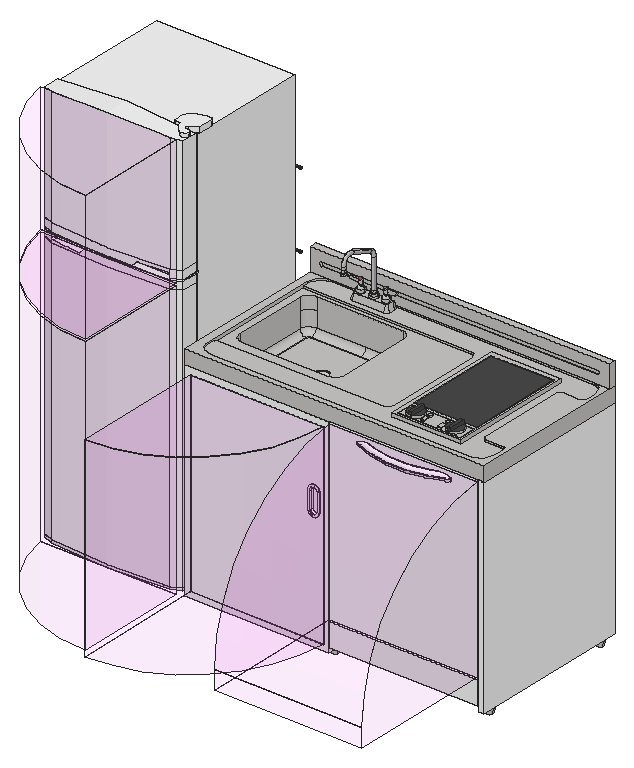
Revit family "QF_Summit_ACKDW721G_Kitchenette_with_Dishwasher_Refrigerator_Freezer", category Specialty Equipment, Revit 2020
Family settings
  Round Connector Dimension = Use Diameter
  Part Type = Normal
  Work Plane-Based = No
  Always vertical = Yes
  Cut with Voids When Loaded = No
  Shared = No
  Room Calculation Point = No
Parameters
  Weight in Pounds = 300
  Watts = Volts * FL Amps  # 0 W
  Volts = 115 V
  URL Cutsheet = ""
  Specification by User = ""
  Specification by Manufacturer = ""
  Show RHD [instance] = yes
  Show LHD [instance] = not(Show RHD)  # no
  Show Clearance [instance] = yes
  Serial Number = ""
  Seismic Rating = ""
  SMACNA No = ""
  Revision Code = ""
  Refrigerant Volume = 0.00 kip
  Refrigerant Type = "R134a"
  Phase = 1
  Number of Poles = 1
  NAFEM Spec ID Number = ""
  Model = "ACKDW721G"
  Min Ckt Ampacity = 0 A
  Max Overcurrent Protection = 0 A
  Masterspec = ""
  Manufacturer = "Summit"
  Length = 71"
  Item Number = ""
  Installed By = ""
  Identify Quantity as Lot = yes
  Height = 40"
  HP = ""
  Furnished By = ""
  Foodservice Equipment Identifier = yes
  FL Amps = 0 A
  Electrical Remarks = "115 V cooktop"
  Electric Connection Type = ""
  Elec Conn RI Height = 0"
  Elec Conn Connection Height = 0"
  Description = "Kichenette with Dishwasher & Refrigerator/Freezer"
  Depth = 26"
  Default Elevation = 0"
  Cycle = 60 Hz
  Conn Plug = ""
  Conn Conduit = yes
  CSI MasterFormat = ""
  BTUH = 0.0 Btu/h
  Apparent Power = if(Phase = 3, Volts * FL Amps * 1.73, Volts * FL Amps)  # 0 VA
Reference planes (in)
  plane 1 "BACK": y = 0
  plane 2: z = 0
  plane 3 "LEFT": x = -5.125
  plane 4 "RIGHT": x = 65.875
  plane 5 "FRONT": y = -26
  plane 6 "TOP": z = 42
  plane 7 "Center Y": x = 30.375
  plane 8 "Center X": y = -13
  plane 9: z = 1
  plane 10: z = 40
  plane 11: z = 36.375
  plane 12: z = 34
  plane 13: y = -44.25
Forms (in)
  Extrusion 1, solid, material "QF_Metal - Stainless - Polished"
    sketch origin (32, 0, 42) x (-1, 0, 0) y (0, -1, 0)
      loop
        line (13.81397, 0) -> (13.81397, 26) -> (-33.875, 26) -> (-33.875, 0) -> (13.81397, 0)
      loop
        arc (-5.4375, 6.34375) -> (-4.99816, 5.28309) -> (-3.9375, 4.84375) r 1.5
        line (-3.9375, 4.84375) -> (1.8125, 4.84375) -> (9.8125, 4.84375)
        arc (9.8125, 4.84375) -> (10.87316, 5.28309) -> (11.3125, 6.34375) r 1.5
        line (11.3125, 6.34375) -> (11.3125, 18.22375)
        arc (11.3125, 18.22375) -> (10.87316, 19.28441) -> (9.8125, 19.72375) r 1.5
        line (9.8125, 19.72375) -> (-3.9375, 19.72375)
        arc (-3.9375, 19.72375) -> (-4.99816, 19.28441) -> (-5.4375, 18.22375) r 1.5
        line (-5.4375, 18.22375) -> (-5.4375, 6.34375)
    from -5.625 to -8
  Extrusion 2, solid, material "QF_Metal - Stainless - Polished"
    sketch origin (-18.18739, -180, 36.375) x (-1, 0, 0) y (0, -1, 0)
      loop
        line (-36.37341, -180) -> (-36.37341, -179) -> (-84.06239, -179) -> (-84.06239, -180) -> (-36.37341, -180)
    from 0 to 3.625
  Sweep 3, solid, material "QF_Metal - Stainless - Polished"
    path origin (8.37453, 0.875, 0) x (1, 0, 0) y (0, 1, 0)
      loop
        arc (13.81297, -5.71875) -> (12.75231, -6.15809) -> (12.31297, -7.21875) r 1.5
        line (12.31297, -7.21875) -> (12.31297, -19.09875)
        arc (12.31297, -19.09875) -> (12.75231, -20.15941) -> (13.81297, -20.59875) r 1.5
        line (13.81297, -20.59875) -> (27.56297, -20.59875)
        arc (27.56297, -20.59875) -> (28.62363, -20.15941) -> (29.06297, -19.09875) r 1.5
        line (29.06297, -19.09875) -> (29.06297, -7.21875)
        arc (29.06297, -7.21875) -> (28.62363, -6.15809) -> (27.56297, -5.71875) r 1.5
        line (27.56297, -5.71875) -> (21.75147, -5.71875) -> (13.81297, -5.71875)
    profile origin (26.15675, -4.84375, 0) x (0, 1, 0) y (0, 0, 1)
      loop
        line (0, 34) -> (0, 31.495)
        arc (0, 31.495) -> (-0.29289, 30.78789) -> (-1, 30.495) r 1
        line (-1, 30.495) -> (-1, 30.4325)
        arc (-1, 30.4325) -> (-0.2487, 30.7437) -> (0.0625, 31.495) r 1.0625
        line (0.0625, 31.495) -> (0.0625, 34) -> (0, 34)
  Extrusion 4, void
    sketch origin (65.75, -1, 36.375) x (-1, 0, 0) y (0, 0, -1)
      loop
        arc (45.65455, -2.08077) -> (46.02955, -1.70577) -> (45.65455, -1.33077) r 0.375
        line (45.65455, -1.33077) -> (1.78443, -1.33077)
        arc (1.78443, -1.33077) -> (1.40943, -1.70577) -> (1.78443, -2.08077) r 0.375
        line (1.78443, -2.08077) -> (45.65455, -2.08077)
    from 0.25 to -0.25
  Extrusion 5, solid, material "QF_Plastic_White_Smooth"
    sketch origin (-18.18739, -180, 1) x (-1, 0, 0) y (0, -1, 0)
      loop
        line (-36.37341, -180) -> (-36.37341, -154) -> (-37.24841, -154) -> (-37.24841, -179) -> (-58.43739, -179) -> (-58.43739, -154) -> (-59.31239, -154) -> (-59.31239, -179) -> (-83.18739, -179) -> (-83.18739, -154) -> (-84.06239, -154) -> (-84.06239, -180) -> (-36.37341, -180)
    from 0 to 33
  Extrusion 6, solid, material "QF_Plastic_White_Smooth"
    sketch origin (19.06103, -26, 1) x (-1, 0, 0) y (0, 0, -1)
      loop
        line (0, -33) -> (0, -31.999) -> (-21.18897, -31.999) -> (-21.18897, -33) -> (0, -33)
    from 0 to -1
  Extrusion 7, solid, material "QF_Plastic_White_Smooth"
    sketch origin (19.06103, -1, 1) x (1, 0, 0) y (0, 0, 1)
      loop
        line (0, 0) -> (21.18897, 0) -> (21.18897, 0.875) -> (0, 0.875) -> (0, 0)
    from 0 to 25
  Extrusion 8, solid, material "QF_Plastic_White_Smooth"
    sketch origin (43.31103, -26, 1) x (-1, 0, 0) y (0, 0, -1)
      loop
        line (24.25, -0.875) -> (3.06103, -0.875) -> (3.06103, -31.999) -> (24.25, -31.999) -> (24.25, -0.875)
    from 0 to -1
  Extrusion 9, void
    sketch origin (32.45409, -26, 1) x (-1, 0, 0) y (0, 0, -1)
      loop
        arc (-5.68413, -19.46083) -> (-6.28413, -18.86083) -> (-6.88413, -19.46083) r 0.6
        line (-6.88413, -19.46083) -> (-6.88413, -22.26083)
        arc (-6.88413, -22.26083) -> (-6.28413, -22.86083) -> (-5.68413, -22.26083) r 0.6
        line (-5.68413, -22.26083) -> (-5.68413, -19.46083)
    from 0.5 to -0.5009
  Extrusion 10, solid, material "QF_Plastic_White_Smooth"
    sketch origin (32.20409, -26, 1) x (-1, 0, 0) y (0, 0, -1)
      loop
        line (-7.13413, -19.46083) -> (-7.13413, -22.26083)
        arc (-7.13413, -22.26083) -> (-6.53413, -22.86083) -> (-5.93413, -22.26083) r 0.6
        line (-5.93413, -22.26083) -> (-5.93413, -19.46083)
        arc (-5.93413, -19.46083) -> (-6.53413, -18.86083) -> (-7.13413, -19.46083) r 0.6
      loop
        line (-5.63413, -22.26083) -> (-5.63413, -19.46083)
        arc (-5.63413, -19.46083) -> (-6.53413, -18.56083) -> (-7.43413, -19.46083) r 0.9
        line (-7.43413, -19.46083) -> (-7.43413, -22.26083)
        arc (-7.43413, -22.26083) -> (-6.53413, -23.16083) -> (-5.63413, -22.26083) r 0.9
    from 0 to 0.0625
  Extrusion 11, solid
    sketch origin (12.61783, 0, 36.375) x (1, 0, 0) y (0, 0, -1)
      loop
        circle (41.16971, 33.21044) r 0.125
    from 0 to 0.25
  Revolve 12, solid, material "QF_Metal - Stainless - Polished"
    sketch origin (-12.39341, -2, 0) x (1, 0, 0) y (0, 0, 1)
      loop
        line (52.9375, 1) -> (52.9375, 0) -> (53.375, 0) -> (53.5, 0.75) -> (53.0625, 0.75) -> (53.0625, 1) -> (52.9375, 1)
      axis (52.9375, 1) -> (52.9375, 0)
    angle from 0 to 360
  Revolve 13, solid, material "QF_Metal - Stainless - Polished"
    sketch origin (-12.39341, -24, 0) x (1, 0, 0) y (0, 0, 1)
      loop
        line (52.9375, 1) -> (52.9375, 0) -> (53.375, 0) -> (53.5, 0.75) -> (53.0625, 0.75) -> (53.0625, 1) -> (52.9375, 1)
      axis (52.9375, 0) -> (52.9375, 1)
    angle from 0 to 360
  Revolve 14, solid, material "QF_Metal - Stainless - Polished"
    sketch origin (-44.6875, -2, 0) x (1, 0, 0) y (0, 0, 1)
      loop
        line (63.43603, 1) -> (63.43603, 0) -> (63.87353, 0) -> (63.99853, 0.75) -> (63.56103, 0.75) -> (63.56103, 1) -> (63.43603, 1)
      axis (63.43603, 1) -> (63.43603, 0)
    angle from 0 to 360
  Revolve 15, solid, material "QF_Metal - Stainless - Polished"
    sketch origin (-44.6875, -24, 0) x (1, 0, 0) y (0, 0, 1)
      loop
        line (63.43603, 1) -> (63.43603, 0) -> (63.87353, 0) -> (63.99853, 0.75) -> (63.56103, 0.75) -> (63.56103, 1) -> (63.43603, 1)
      axis (63.43603, 0) -> (63.43603, 1)
    angle from 0 to 360
  Extrusion 16, solid, material "QF_Metal - Stainless - Polished"
    sketch origin (-15.50047, 0.875, 1.3075) x (1, 0, 0) y (0, 1, 0)
      loop
        circle (44.56297, -13.15875) r 1
      loop
        arc (51.93797, -7.21875) -> (51.79153, -6.8652) -> (51.43797, -6.71875) r 0.5
        line (51.43797, -6.71875) -> (37.68797, -6.71875)
        arc (37.68797, -6.71875) -> (37.33442, -6.8652) -> (37.18797, -7.21875) r 0.5
        line (37.18797, -7.21875) -> (37.18797, -19.09875)
        arc (37.18797, -19.09875) -> (37.33442, -19.4523) -> (37.68797, -19.59875) r 0.5
        line (37.68797, -19.59875) -> (51.43797, -19.59875)
        arc (51.43797, -19.59875) -> (51.79153, -19.4523) -> (51.93797, -19.09875) r 0.5
        line (51.93797, -19.09875) -> (51.93797, -7.21875)
    from 29.125 to 29.1875
  Extrusion 17, solid, material "QF_Clearances_Door_Drawer", visible <- "Show Clearance"
    sketch origin (-7.19319, 0, 0) x (1, 0, 0) y (0, 1, 0)
      loop
        line (47.44319, -26) -> (26.25422, -26) -> (26.25422, -47.18897)
        arc (26.25422, -47.18897) -> (41.23709, -40.98287) -> (47.44319, -26) r 21.18897
    from 1.875 to 32.999
  Extrusion 18, void
    sketch origin (32, 0, 36.375) x (-1, 0, 0) y (0, -1, 0)
      loop
        arc (-29.374, 6.1261) -> (-29.55706, 5.68415) -> (-29.999, 5.5011) r 0.625
        line (-29.999, 5.5011) -> (-32.624, 5.5011)
        arc (-32.624, 5.5011) -> (-33.06594, 5.31804) -> (-33.249, 4.8761) r 0.625
        line (-33.249, 4.8761) -> (-33.249, 3.2511)
        arc (-33.249, 3.2511) -> (-32.58999, 1.66011) -> (-30.999, 1.0011) r 2.25
        line (-30.999, 1.0011) -> (10.3125, 1.0011)
        arc (10.3125, 1.0011) -> (11.90349, 1.66011) -> (12.5625, 3.2511) r 2.25
        line (12.5625, 3.2511) -> (12.5625, 23)
        arc (12.5625, 23) -> (11.90349, 24.59099) -> (10.3125, 25.25) r 2.25
        line (10.3125, 25.25) -> (-30.999, 25.25)
        arc (-30.999, 25.25) -> (-32.58999, 24.59099) -> (-33.249, 23) r 2.25
        line (-33.249, 23) -> (-33.249, 21.375)
        arc (-33.249, 21.375) -> (-33.06594, 20.93306) -> (-32.624, 20.75) r 0.625
        line (-32.624, 20.75) -> (-29.999, 20.75)
        arc (-29.999, 20.75) -> (-29.55706, 20.56694) -> (-29.374, 20.125) r 0.625
        line (-29.374, 20.125) -> (-29.374, 6.1261)
      loop
        line (-3.9375, 4.84375) -> (-2.9385, 4.84375) -> (9.8125, 4.84375)
        arc (9.8125, 4.84375) -> (10.87316, 5.28309) -> (11.3125, 6.34375) r 1.5
        line (11.3125, 6.34375) -> (11.3125, 18.22375)
        arc (11.3125, 18.22375) -> (10.87316, 19.28441) -> (9.8125, 19.72375) r 1.5
        line (9.8125, 19.72375) -> (-3.9375, 19.72375)
        arc (-3.9375, 19.72375) -> (-4.99816, 19.28441) -> (-5.4375, 18.22375) r 1.5
        line (-5.4375, 18.22375) -> (-5.4375, 6.34375)
        arc (-5.4375, 6.34375) -> (-4.99816, 5.28309) -> (-3.9375, 4.84375) r 1.5
    from -0.25 to 1
  Extrusion 19, void
    sketch origin (32, 0, 36.125) x (-1, 0, 0) y (0, -1, 0)
      loop
        line (-14.25, 4.09375) -> (12.5625, 4.09375) -> (12.5625, 21.71875) -> (-14.25, 21.71875)
        arc (-14.25, 21.71875) -> (-14.95711, 21.42586) -> (-15.25, 20.71875) r 1
        line (-15.25, 20.71875) -> (-15.25, 5.09375)
        arc (-15.25, 5.09375) -> (-14.95711, 4.38664) -> (-14.25, 4.09375) r 1
    from -0.25 to 1
  Revolve 20, solid, material "QF_Metal - Stainless - Polished"
    sketch origin (15.875, -2, 0) x (1, 0, 0) y (0, 0, 1)
      loop
        line (49.3125, 1) -> (49.3125, 0) -> (49.75, 0) -> (49.875, 0.75) -> (49.4375, 0.75) -> (49.4375, 1) -> (49.3125, 1)
      axis (49.3125, 1) -> (49.3125, 0)
    angle from 0 to 360
  Revolve 21, solid, material "QF_Metal - Stainless - Polished"
    sketch origin (15.875, -24, 0) x (1, 0, 0) y (0, 0, 1)
      loop
        line (49.3125, 1) -> (49.3125, 0) -> (49.75, 0) -> (49.875, 0.75) -> (49.4375, 0.75) -> (49.4375, 1) -> (49.3125, 1)
      axis (49.3125, 0) -> (49.3125, 1)
    angle from 0 to 360
  Extrusion 22, solid, material "QF_Metal_Stainless_Polished"
    sketch origin (29.04278, -181.33082, 36.125) x (-1, 0, 0) y (0, -1, 0)
      loop
        line (-19.76922, -178.13842) -> (-19.76922, -158.27212) -> (-30.76922, -158.27212) -> (-30.76922, -178.13842) -> (-19.76922, -178.13842)
      loop
        line (-20.26922, -177.38842) -> (-20.26922, -162.02212) -> (-30.26922, -162.02212) -> (-30.26922, -177.38842) -> (-20.26922, -177.38842)
      loop
        line (-20.26922, -158.77212) -> (-30.26922, -158.77212) -> (-30.26922, -161.52212) -> (-20.26922, -161.52212) -> (-20.26922, -158.77212)
    from 0 to 0.5
  Extrusion 23, solid, material "QF_Metal_Stainless_Polished"
    sketch origin (29.04278, -181.33082, 36.625) x (-1, 0, 0) y (0, -1, 0)
      loop
        line (-20.26922, -158.77212) -> (-30.26922, -158.77212) -> (-30.26922, -161.52212) -> (-20.26922, -161.52212) -> (-20.26922, -158.77212)
    from -0.25 to 0
  Extrusion 24, solid, material "QF_Metal_Stainless_Polished"
    sketch origin (29.04278, -181.33082, 36.625) x (-1, 0, 0) y (0, -1, 0)
      loop
        circle (-22.13141, -160.14712) r 1.25
      loop
        circle (-28.40702, -160.14712) r 1.25
    from 0 to 0.25
  Extrusion 25, solid, material "QF_Plastic_Black_Smooth"
    sketch origin (29.04278, -181.33082, 36.875) x (-1, 0, 0) y (0, -1, 0)
      loop
        line (-21.85016, -161.36507) -> (-21.85016, -158.92917)
        arc (-21.85016, -158.92917) -> (-22.13141, -158.89712) -> (-22.41266, -158.92917) r 1.25
        line (-22.41266, -158.92917) -> (-22.41266, -161.36507)
        arc (-22.41266, -161.36507) -> (-22.13141, -161.39712) -> (-21.85016, -161.36507) r 1.25
      loop
        line (-28.12577, -161.36507) -> (-28.12577, -158.92917)
        arc (-28.12577, -158.92917) -> (-28.40702, -158.89712) -> (-28.68827, -158.92917) r 1.25
        line (-28.68827, -158.92917) -> (-28.68827, -161.36507)
        arc (-28.68827, -161.36507) -> (-28.40702, -161.39712) -> (-28.12577, -161.36507) r 1.25
    from 0 to 0.5
  Extrusion 26, solid, material "QF_Metal_Stainless_Polished"
    sketch origin (29.79278, -181.33082, 36.625) x (-1, 0, 0) y (0, -1, 0)
      loop
        line (-22.85535, -160.19685) -> (-22.85535, -159.12569) -> (-23.41848, -159.12569) -> (-23.41848, -160.19685) -> (-22.85535, -160.19685)
      loop
        circle (-23.13691, -160.79606) r 0.28156
      loop
        line (-26.18308, -160.19685) -> (-25.61996, -160.19685) -> (-25.61996, -159.12569) -> (-26.18308, -159.12569) -> (-26.18308, -160.19685)
      loop
        circle (-25.90152, -160.79606) r 0.28156
    from 0 to 0.0625
  Extrusion 27, solid, material "QF_Plastic_Black_Smooth"
    sketch origin (29.04278, -179.33082, 36.125) x (-1, 0, 0) y (0, -1, 0)
      loop
        line (-20.26922, -175.38842) -> (-20.26922, -160.02212) -> (-30.26922, -160.02212) -> (-30.26922, -175.38842) -> (-20.26922, -175.38842)
    from 0 to 0.5
  Extrusion 28, solid, material "QF_Metal_Stainless_Polished", not visible
    sketch origin (-2.35752, -180, 36.125) x (-1, 0, 0) y (0, -1, 0)
      loop
        line (-19.76922, -178.13842) -> (-19.76922, -158.27212) -> (-30.76922, -158.27212) -> (-30.76922, -178.13842) -> (-19.76922, -178.13842)
      loop
        line (-20.26922, -177.38842) -> (-20.26922, -162.02212) -> (-30.26922, -162.02212) -> (-30.26922, -177.38842) -> (-20.26922, -177.38842)
      loop
        line (-20.26922, -158.77212) -> (-30.26922, -158.77212) -> (-30.26922, -161.52212) -> (-20.26922, -161.52212) -> (-20.26922, -158.77212)
    from 0 to 0.5
  Extrusion 29, solid, material "QF_Metal_Stainless_Polished", not visible
    sketch origin (-2.35752, -180, 36.625) x (-1, 0, 0) y (0, -1, 0)
      loop
        line (-20.26922, -158.77212) -> (-30.26922, -158.77212) -> (-30.26922, -161.52212) -> (-20.26922, -161.52212) -> (-20.26922, -158.77212)
    from -0.25 to 0
  Extrusion 30, solid, material "QF_Metal_Stainless_Polished", not visible
    sketch origin (-2.35752, -180, 36.625) x (-1, 0, 0) y (0, -1, 0)
      loop
        circle (-22.13141, -160.14712) r 1.25
      loop
        circle (-28.40702, -160.14712) r 1.25
    from 0 to 0.25
  Extrusion 31, solid, material "QF_Plastic_Black_Smooth", not visible
    sketch origin (-2.35752, -180, 36.875) x (-1, 0, 0) y (0, -1, 0)
      loop
        line (-21.85016, -161.36507) -> (-21.85016, -158.92917)
        arc (-21.85016, -158.92917) -> (-22.13141, -158.89712) -> (-22.41266, -158.92917) r 1.25
        line (-22.41266, -158.92917) -> (-22.41266, -161.36507)
        arc (-22.41266, -161.36507) -> (-22.13141, -161.39712) -> (-21.85016, -161.36507) r 1.25
      loop
        line (-28.12577, -161.36507) -> (-28.12577, -158.92917)
        arc (-28.12577, -158.92917) -> (-28.40702, -158.89712) -> (-28.68827, -158.92917) r 1.25
        line (-28.68827, -158.92917) -> (-28.68827, -161.36507)
        arc (-28.68827, -161.36507) -> (-28.40702, -161.39712) -> (-28.12577, -161.36507) r 1.25
    from 0 to 0.5
  Extrusion 32, solid, material "QF_Metal_Stainless_Polished", not visible
    sketch origin (-1.60752, -180, 36.625) x (-1, 0, 0) y (0, -1, 0)
      loop
        line (-22.85535, -160.19685) -> (-22.85535, -159.12569) -> (-23.41848, -159.12569) -> (-23.41848, -160.19685) -> (-22.85535, -160.19685)
      loop
        circle (-23.13691, -160.79606) r 0.28156
      loop
        line (-26.18308, -160.19685) -> (-25.61996, -160.19685) -> (-25.61996, -159.12569) -> (-26.18308, -159.12569) -> (-26.18308, -160.19685)
      loop
        circle (-25.90152, -160.79606) r 0.28156
    from 0 to 0.0625
  Extrusion 33, solid, material "QF_Plastic_Black_Smooth", not visible
    sketch origin (-2.35752, -178, 36.125) x (-1, 0, 0) y (0, -1, 0)
      loop
        line (-20.26922, -175.38842) -> (-20.26922, -160.02212) -> (-30.26922, -160.02212) -> (-30.26922, -175.38842) -> (-20.26922, -175.38842)
    from 0 to 0.5
Cuts and joins
  Extrusion 4 cuts Extrusion 2
  joined: Extrusion 5, Extrusion 6, Extrusion 7
  Extrusion 9 cuts Extrusion 8
  Extrusion 18, Extrusion 19 cuts Extrusion 1
  joined: Extrusion 1, Sweep 3
Lines and regions (in)
  Split face 1
    outline origin (19.4375, -4.09375, 35.875) x (1, 0, 0) y (0, 1, 0)
      loop
        line (19.6885, -1.78125) -> (26.25, -1.78125)
        arc (26.25, -1.78125) -> (26.4375, -1.59375) -> (26.25, -1.40625) r 0.1875
        line (26.25, -1.40625) -> (19.6885, -1.40625)
        arc (19.6885, -1.40625) -> (19.501, -1.59375) -> (19.6885, -1.78125) r 0.1875
  Split face 2
    outline origin (19.4375, -4.09375, 35.875) x (1, 0, 0) y (0, 1, 0)
      loop
        arc (19.6885, -2.59375) -> (19.501, -2.78125) -> (19.6885, -2.96875) r 0.1875
        line (19.6885, -2.96875) -> (26.25, -2.96875)
        arc (26.25, -2.96875) -> (26.4375, -2.78125) -> (26.25, -2.59375) r 0.1875
        line (26.25, -2.59375) -> (19.6885, -2.59375)
  Split face 3
    outline origin (19.4375, -4.09375, 35.875) x (1, 0, 0) y (0, 1, 0)
      loop
        arc (19.6885, -3.78125) -> (19.501, -3.96875) -> (19.6885, -4.15625) r 0.1875
        line (19.6885, -4.15625) -> (26.25, -4.15625)
        arc (26.25, -4.15625) -> (26.4375, -3.96875) -> (26.25, -3.78125) r 0.1875
        line (26.25, -3.78125) -> (19.6885, -3.78125)
  Split face 4
    outline origin (19.4375, -4.09375, 35.875) x (1, 0, 0) y (0, 1, 0)
      loop
        arc (19.6885, -4.96875) -> (19.501, -5.15625) -> (19.6885, -5.34375) r 0.1875
        line (19.6885, -5.34375) -> (26.25, -5.34375)
        arc (26.25, -5.34375) -> (26.4375, -5.15625) -> (26.25, -4.96875) r 0.1875
        line (26.25, -4.96875) -> (19.6885, -4.96875)
  Split face 5
    outline origin (19.4375, -4.09375, 35.875) x (1, 0, 0) y (0, 1, 0)
      loop
        line (19.6885, -6.53125) -> (26.25, -6.53125)
        arc (26.25, -6.53125) -> (26.4375, -6.34375) -> (26.25, -6.15625) r 0.1875
        line (26.25, -6.15625) -> (19.6885, -6.15625)
        arc (19.6885, -6.15625) -> (19.501, -6.34375) -> (19.6885, -6.53125) r 0.1875
  Split face 6
    outline origin (19.4375, -4.09375, 35.875) x (1, 0, 0) y (0, 1, 0)
      loop
        line (19.6885, -7.71875) -> (26.25, -7.71875)
        arc (26.25, -7.71875) -> (26.4375, -7.53125) -> (26.25, -7.34375) r 0.1875
        line (26.25, -7.34375) -> (19.6885, -7.34375)
        arc (19.6885, -7.34375) -> (19.501, -7.53125) -> (19.6885, -7.71875) r 0.1875
  Split face 7
    outline origin (19.4375, -4.09375, 35.875) x (1, 0, 0) y (0, 1, 0)
      loop
        line (26.25, -8.53125) -> (19.6885, -8.53125)
        arc (19.6885, -8.53125) -> (19.501, -8.71875) -> (19.6885, -8.90625) r 0.1875
        line (19.6885, -8.90625) -> (26.25, -8.90625)
        arc (26.25, -8.90625) -> (26.4375, -8.71875) -> (26.25, -8.53125) r 0.1875
  Split face 8
    outline origin (19.4375, -4.09375, 35.875) x (1, 0, 0) y (0, 1, 0)
      loop
        line (26.25, -9.71875) -> (19.6885, -9.71875)
        arc (19.6885, -9.71875) -> (19.501, -9.90625) -> (19.6885, -10.09375) r 0.1875
        line (19.6885, -10.09375) -> (26.25, -10.09375)
        arc (26.25, -10.09375) -> (26.4375, -9.90625) -> (26.25, -9.71875) r 0.1875
  Split face 9
    outline origin (19.4375, -4.09375, 35.875) x (1, 0, 0) y (0, 1, 0)
      loop
        arc (19.6885, -10.90625) -> (19.501, -11.09375) -> (19.6885, -11.28125) r 0.1875
        line (19.6885, -11.28125) -> (26.25, -11.28125)
        arc (26.25, -11.28125) -> (26.4375, -11.09375) -> (26.25, -10.90625) r 0.1875
        line (26.25, -10.90625) -> (19.6885, -10.90625)
  Split face 10
    outline origin (19.4375, -4.09375, 35.875) x (1, 0, 0) y (0, 1, 0)
      loop
        arc (19.6885, -12.09375) -> (19.501, -12.28125) -> (19.6885, -12.46875) r 0.1875
        line (19.6885, -12.46875) -> (26.25, -12.46875)
        arc (26.25, -12.46875) -> (26.4375, -12.28125) -> (26.25, -12.09375) r 0.1875
        line (26.25, -12.09375) -> (19.6885, -12.09375)
  Split face 11
    outline origin (19.4375, -4.09375, 35.875) x (1, 0, 0) y (0, 1, 0)
      loop
        arc (19.6885, -13.28125) -> (19.501, -13.46875) -> (19.6885, -13.65625) r 0.1875
        line (19.6885, -13.65625) -> (26.25, -13.65625)
        arc (26.25, -13.65625) -> (26.4375, -13.46875) -> (26.25, -13.28125) r 0.1875
        line (26.25, -13.28125) -> (19.6885, -13.28125)
  Split face 12
    outline origin (19.4375, -4.09375, 35.875) x (1, 0, 0) y (0, 1, 0)
      loop
        arc (19.6885, -14.46875) -> (19.501, -14.65625) -> (19.6885, -14.84375) r 0.1875
        line (19.6885, -14.84375) -> (26.25, -14.84375)
        arc (26.25, -14.84375) -> (26.4375, -14.65625) -> (26.25, -14.46875) r 0.1875
        line (26.25, -14.46875) -> (19.6885, -14.46875)
  symbolic lines
    curve 1: line (18.18603, 0, 42) -> (65.875, 0, 42)
    curve 2: line (18.18603, -26, 42) -> (18.18603, 0, 42)
    curve 3: line (65.875, -26, 42) -> (18.18603, -26, 42)
    curve 4: line (65.875, 0, 42) -> (65.875, -26, 42)
    curve 5: line (18.18603, -1.0011, 42) -> (65.875, -1.0011, 42)
    curve 6: arc (21.68708, -1.0011, 42) -> (20.0965, -1.65993, 42) -> (19.43766, -3.25051, 42) r 2.24941
    curve 7: line (19.43766, -3.25051, 42) -> (19.43766, -23.0002, 42)
    curve 8: arc (19.43766, -23.0002, 42) -> (20.09662, -24.59105, 42) -> (21.68747, -25.25, 42) r 2.2498
    curve 9: line (21.68747, -25.25, 42) -> (62.99987, -25.25, 42)
    curve 10: arc (62.99987, -25.25, 42) -> (64.59024, -24.59124, 42) -> (65.249, -23.00087, 42) r 2.24913
    curve 11: line (65.249, -23.00087, 42) -> (65.249, -21.37245, 42)
    curve 12: arc (61.374, -6.1261, 42) -> (61.55706, -5.68415, 42) -> (61.999, -5.5011, 42) r 0.625
    curve 13: line (61.999, -5.5011, 42) -> (64.63573, -5.5011, 42)
    curve 14: arc (65.26442, -5.5, 42) -> (65.25352, -5.50452, 42) -> (65.249, -5.51542, 42) r 0.01542
    curve 15: line (65.249, -4.88783, 42) -> (65.249, -3.24895, 42)
    curve 16: arc (65.249, -3.24895, 42) -> (64.59062, -1.65948, 42) -> (63.00115, -1.0011, 42) r 2.24785
    curve 17: line (19.43766, -21.71875, 42) -> (46.25, -21.71875, 42)
    curve 18: arc (46.25, -21.71875, 42) -> (46.95711, -21.42586, 42) -> (47.25, -20.71875, 42) r 1
    curve 19: line (47.25, -20.71875, 42) -> (47.25, -5.09375, 42)
    curve 20: arc (47.25, -5.09375, 42) -> (46.95711, -4.38664, 42) -> (46.25, -4.09375, 42) r 1
    curve 21: line (46.25, -4.09375, 42) -> (29.36087, -4.09375, 42)
    curve 22: arc (20.6875, -6.34375, 42) -> (21.12684, -5.28309, 42) -> (22.1875, -4.84375, 42) r 1.5
    curve 23: line (22.1875, -4.84375, 42) -> (28.73587, -4.84375, 42)
    curve 24: arc (35.9375, -4.84375, 42) -> (36.99816, -5.28309, 42) -> (37.4375, -6.34375, 42) r 1.5
    curve 25: line (37.4375, -6.34375, 42) -> (37.4375, -18.22375, 42)
    curve 26: arc (37.4375, -18.22375, 42) -> (36.99816, -19.28441, 42) -> (35.9375, -19.72375, 42) r 1.5
    curve 27: line (35.9375, -19.72375, 42) -> (22.1875, -19.72375, 42)
    curve 28: arc (22.1875, -19.72375, 42) -> (21.12684, -19.28441, 42) -> (20.6875, -18.22375, 42) r 1.5
    curve 29: line (20.6875, -18.22375, 42) -> (20.6875, -6.34375, 42)
    curve 30: line (45.6875, -5.5, 42) -> (39.126, -5.5, 42)
    curve 31: arc (39.126, -5.5, 42) -> (38.9385, -5.6875, 42) -> (39.126, -5.875, 42) r 0.1875
    curve 32: line (39.126, -5.875, 42) -> (45.6875, -5.875, 42)
    curve 33: arc (45.6875, -5.875, 42) -> (45.875, -5.6875, 42) -> (45.6875, -5.5, 42) r 0.1875
    curve 34: line (39.126, -6.6875, 42) -> (45.6875, -6.6875, 42)
    curve 35: arc (45.6875, -6.6875, 42) -> (45.875, -6.875, 42) -> (45.6875, -7.0625, 42) r 0.1875
    curve 36: line (45.6875, -7.0625, 42) -> (39.126, -7.0625, 42)
    curve 37: arc (39.126, -7.0625, 42) -> (38.9385, -6.875, 42) -> (39.126, -6.6875, 42) r 0.1875
    curve 38: line (39.126, -7.875, 42) -> (45.6875, -7.875, 42)
    curve 39: arc (45.6875, -7.875, 42) -> (45.875, -8.0625, 42) -> (45.6875, -8.25, 42) r 0.1875
    curve 40: line (45.6875, -8.25, 42) -> (39.126, -8.25, 42)
    curve 41: arc (39.126, -8.25, 42) -> (38.9385, -8.0625, 42) -> (39.126, -7.875, 42) r 0.1875
    curve 42: line (39.126, -9.0625, 42) -> (45.6875, -9.0625, 42)
    curve 43: arc (45.6875, -9.0625, 42) -> (45.875, -9.25, 42) -> (45.6875, -9.4375, 42) r 0.1875
    curve 44: line (45.6875, -9.4375, 42) -> (39.126, -9.4375, 42)
    curve 45: arc (39.126, -9.4375, 42) -> (38.9385, -9.25, 42) -> (39.126, -9.0625, 42) r 0.1875
    curve 46: line (45.6875, -10.25, 42) -> (39.126, -10.25, 42)
    curve 47: arc (39.126, -10.25, 42) -> (38.9385, -10.4375, 42) -> (39.126, -10.625, 42) r 0.1875
    curve 48: line (39.126, -10.625, 42) -> (45.6875, -10.625, 42)
    curve 49: arc (45.6875, -10.625, 42) -> (45.875, -10.4375, 42) -> (45.6875, -10.25, 42) r 0.1875
    curve 50: line (45.6875, -12.625, 42) -> (39.126, -12.625, 42)
    curve 51: arc (39.126, -12.625, 42) -> (38.9385, -12.8125, 42) -> (39.126, -13, 42) r 0.1875
    curve 52: line (39.126, -13, 42) -> (45.6875, -13, 42)
    curve 53: arc (45.6875, -13, 42) -> (45.875, -12.8125, 42) -> (45.6875, -12.625, 42) r 0.1875
    curve 54: line (45.6875, -13.8125, 42) -> (39.126, -13.8125, 42)
    curve 55: arc (39.126, -13.8125, 42) -> (38.9385, -14, 42) -> (39.126, -14.1875, 42) r 0.1875
    curve 56: line (39.126, -14.1875, 42) -> (45.6875, -14.1875, 42)
    curve 57: arc (45.6875, -14.1875, 42) -> (45.875, -14, 42) -> (45.6875, -13.8125, 42) r 0.1875
    curve 58: line (39.126, -15, 42) -> (45.6875, -15, 42)
    curve 59: arc (45.6875, -15, 42) -> (45.875, -15.1875, 42) -> (45.6875, -15.375, 42) r 0.1875
    curve 60: line (45.6875, -15.375, 42) -> (39.126, -15.375, 42)
    curve 61: arc (39.126, -15.375, 42) -> (38.9385, -15.1875, 42) -> (39.126, -15, 42) r 0.1875
    curve 62: line (39.126, -16.1875, 42) -> (45.6875, -16.1875, 42)
    curve 63: arc (45.6875, -16.1875, 42) -> (45.875, -16.375, 42) -> (45.6875, -16.5625, 42) r 0.1875
    curve 64: line (45.6875, -16.5625, 42) -> (39.126, -16.5625, 42)
    curve 65: arc (39.126, -16.5625, 42) -> (38.9385, -16.375, 42) -> (39.126, -16.1875, 42) r 0.1875
    curve 66: line (39.126, -17.375, 42) -> (45.6875, -17.375, 42)
    curve 67: arc (45.6875, -17.375, 42) -> (45.875, -17.5625, 42) -> (45.6875, -17.75, 42) r 0.1875
    curve 68: line (45.6875, -17.75, 42) -> (39.126, -17.75, 42)
    curve 69: arc (39.126, -17.75, 42) -> (38.9385, -17.5625, 42) -> (39.126, -17.375, 42) r 0.1875
    curve 70: line (39.126, -18.5625, 42) -> (45.6875, -18.5625, 42)
    curve 71: arc (45.6875, -18.5625, 42) -> (45.875, -18.75, 42) -> (45.6875, -18.9375, 42) r 0.1875
    curve 72: line (45.6875, -18.9375, 42) -> (39.126, -18.9375, 42)
    curve 73: arc (39.126, -18.9375, 42) -> (38.9385, -18.75, 42) -> (39.126, -18.5625, 42) r 0.1875
    curve 74: arc (30.0625, -12.28375, 42) -> (29.0625, -13.28375, 42) -> (28.0625, -12.28375, 42) r 1
    curve 75: arc (28.0625, -12.28375, 42) -> (29.0625, -11.28375, 42) -> (30.0625, -12.28375, 42) r 1
    curve 78: arc (61.999, -20.75, 42) -> (61.55706, -20.56694, 42) -> (61.374, -20.125, 42) r 0.625
    curve 79: line (64.62655, -20.75, 42) -> (61.999, -20.75, 42)
    curve 80: arc (65.249, -21.37245, 42) -> (65.06669, -20.93231, 42) -> (64.62655, -20.75, 42) r 0.62245
    curve 81: arc (64.63573, -5.5011, 42) -> (65.06938, -5.32147, 42) -> (65.249, -4.88783, 42) r 0.61327
    curve 82: line (29.36087, -4.84375, 42) -> (35.9375, -4.84375, 42)
    curve 83: line (28.73587, -4.09375, 42) -> (19.43766, -4.09375, 42)
    curve 84: line (45.6875, -11.4375, 42) -> (39.126, -11.4375, 42)
    curve 85: arc (39.126, -11.4375, 42) -> (38.9385, -11.625, 42) -> (39.126, -11.8125, 42) r 0.1875
    curve 86: line (39.126, -11.8125, 42) -> (45.6875, -11.8125, 42)
    curve 87: arc (45.6875, -11.8125, 42) -> (45.875, -11.625, 42) -> (45.6875, -11.4375, 42) r 0.1875
    curve 88: line (61.374, -20.125, 42) -> (61.374, -6.1261, 42)
    curve 89: line (48.812, -3.1924, 42) -> (59.812, -3.1924, 42)
    curve 90: line (48.812, -23.0587, 42) -> (48.812, -3.1924, 42)
    curve 91: line (59.812, -23.0587, 42) -> (48.812, -23.0587, 42)
    curve 92: line (59.812, -3.1924, 42) -> (59.812, -23.0587, 42)
    curve 93: line (49.312, -3.9424, 42) -> (59.312, -3.9424, 42)
    curve 94: line (49.312, -19.3087, 42) -> (49.312, -3.9424, 42)
    curve 95: line (59.312, -19.3087, 42) -> (49.312, -19.3087, 42)
    curve 96: line (59.312, -3.9424, 42) -> (59.312, -19.3087, 42)
    curve 97: line (49.312, -19.8087, 42) -> (59.312, -19.8087, 42)
    curve 98: line (49.312, -22.5587, 42) -> (49.312, -19.8087, 42)
    curve 99: line (59.312, -22.5587, 42) -> (49.312, -22.5587, 42)
    curve 100: line (59.312, -19.8087, 42) -> (59.312, -22.5587, 42)
    curve 101: line (52.64813, -21.13397, 42) -> (53.21126, -21.13397, 42)
    curve 102: line (52.64813, -22.20513, 42) -> (52.64813, -21.13397, 42)
    curve 103: line (53.21126, -22.20513, 42) -> (52.64813, -22.20513, 42)
    curve 104: line (53.21126, -21.13397, 42) -> (53.21126, -22.20513, 42)
    curve 105: line (55.41274, -21.13397, 42) -> (55.97587, -21.13397, 42)
    curve 106: line (55.41274, -22.20513, 42) -> (55.41274, -21.13397, 42)
    curve 107: line (55.97587, -22.20513, 42) -> (55.41274, -22.20513, 42)
    curve 108: line (55.97587, -21.13397, 42) -> (55.97587, -22.20513, 42)
    curve 109: arc (52.64813, -20.53476, 42) -> (52.9297, -20.81632, 42) -> (53.21126, -20.53476, 42) r 0.28156
    curve 110: arc (53.21126, -20.53476, 42) -> (52.9297, -20.2532, 42) -> (52.64813, -20.53476, 42) r 0.28156
    curve 111: arc (55.41274, -20.53476, 42) -> (55.6943, -20.81632, 42) -> (55.97587, -20.53476, 42) r 0.28156
    curve 112: arc (55.97587, -20.53476, 42) -> (55.6943, -20.2532, 42) -> (55.41274, -20.53476, 42) r 0.28156
    curve 113: arc (49.92419, -21.1837, 42) -> (51.17419, -22.4337, 42) -> (52.42419, -21.1837, 42) r 1.25
    curve 114: arc (52.42419, -21.1837, 42) -> (51.17419, -19.9337, 42) -> (49.92419, -21.1837, 42) r 1.25
    curve 115: arc (58.69981, -21.1837, 42) -> (57.44981, -19.9337, 42) -> (56.19981, -21.1837, 42) r 1.25
    curve 116: arc (56.19981, -21.1837, 42) -> (57.44981, -22.4337, 42) -> (58.69981, -21.1837, 42) r 1.25
    curve 117: line (57.16856, -19.96575, 42) -> (57.16856, -22.40165, 42)
    curve 118: line (57.73106, -22.40165, 42) -> (57.73106, -19.96575, 42)
    curve 119: line (51.45544, -22.40165, 42) -> (51.45544, -19.96575, 42)
    curve 120: line (50.89294, -19.96575, 42) -> (50.89294, -22.40165, 42)
  symbolic lines, style "QF_Clearances_Door_Drawer", visible <- "Show Clearance"
    curve 76: arc (40.25, -26, 42) -> (39.53607, -31.45392, 42) -> (37.44239, -36.54031, 42) r 21.18897
    curve 77: line (37.44239, -36.54031, 42) -> (19.18603, -26, 42)
  symbolic lines, not visible
    curve 121: line (17.41169, -1.86158, 42) -> (28.41169, -1.86158, 42)
    curve 122: line (17.41169, -21.72788, 42) -> (17.41169, -1.86158, 42)
    curve 123: line (28.41169, -21.72788, 42) -> (17.41169, -21.72788, 42)
    curve 124: line (28.41169, -1.86158, 42) -> (28.41169, -21.72788, 42)
    curve 125: line (17.91169, -2.61158, 42) -> (27.91169, -2.61158, 42)
    curve 126: line (17.91169, -17.97788, 42) -> (17.91169, -2.61158, 42)
    curve 127: line (27.91169, -17.97788, 42) -> (17.91169, -17.97788, 42)
    curve 128: line (27.91169, -2.61158, 42) -> (27.91169, -17.97788, 42)
    curve 129: line (17.91169, -18.47788, 42) -> (27.91169, -18.47788, 42)
    curve 130: line (17.91169, -21.22788, 42) -> (17.91169, -18.47788, 42)
    curve 131: line (27.91169, -21.22788, 42) -> (17.91169, -21.22788, 42)
    curve 132: line (27.91169, -18.47788, 42) -> (27.91169, -21.22788, 42)
    curve 133: line (21.24783, -19.80315, 42) -> (21.81096, -19.80315, 42)
    curve 134: line (21.24783, -20.87431, 42) -> (21.24783, -19.80315, 42)
    curve 135: line (21.81096, -20.87431, 42) -> (21.24783, -20.87431, 42)
    curve 136: line (21.81096, -19.80315, 42) -> (21.81096, -20.87431, 42)
    curve 137: line (24.01243, -19.80315, 42) -> (24.57556, -19.80315, 42)
    curve 138: line (24.01243, -20.87431, 42) -> (24.01243, -19.80315, 42)
    curve 139: line (24.57556, -20.87431, 42) -> (24.01243, -20.87431, 42)
    curve 140: line (24.57556, -19.80315, 42) -> (24.57556, -20.87431, 42)
    curve 141: arc (21.24783, -19.20394, 42) -> (21.52939, -19.4855, 42) -> (21.81096, -19.20394, 42) r 0.28156
    curve 142: arc (21.81096, -19.20394, 42) -> (21.52939, -18.92238, 42) -> (21.24783, -19.20394, 42) r 0.28156
    curve 143: arc (24.01243, -19.20394, 42) -> (24.294, -19.4855, 42) -> (24.57556, -19.20394, 42) r 0.28156
    curve 144: arc (24.57556, -19.20394, 42) -> (24.294, -18.92238, 42) -> (24.01243, -19.20394, 42) r 0.28156
    curve 145: arc (18.52389, -19.85288, 42) -> (19.77389, -21.10288, 42) -> (21.02389, -19.85288, 42) r 1.25
    curve 146: arc (21.02389, -19.85288, 42) -> (19.77389, -18.60288, 42) -> (18.52389, -19.85288, 42) r 1.25
    curve 147: arc (27.2995, -19.85288, 42) -> (26.0495, -18.60288, 42) -> (24.7995, -19.85288, 42) r 1.25
    curve 148: arc (24.7995, -19.85288, 42) -> (26.0495, -21.10288, 42) -> (27.2995, -19.85288, 42) r 1.25
    curve 149: line (25.76825, -18.63493, 42) -> (25.76825, -21.07083, 42)
    curve 150: line (26.33075, -21.07083, 42) -> (26.33075, -18.63493, 42)
    curve 151: line (20.05514, -21.07083, 42) -> (20.05514, -18.63493, 42)
    curve 152: line (19.49264, -18.63493, 42) -> (19.49264, -21.07083, 42)
Dimensions and locks (in)
  equal spacing: plane 3 "LEFT", plane 7 "Center Y", plane 4 "RIGHT"
  "Length": plane 3 "LEFT" to plane 4 "RIGHT"
  equal spacing: plane 5 "FRONT", plane 8 "Center X", plane 1 "BACK"
  "Depth": plane 5 "FRONT" to plane 1 "BACK"
  "Height": plane 10 to level
  plane 11 to level = 36 3/8"
  plane 12 to level = 34"
  plane 13 to plane 1 "BACK" = 44 1/4"
  Extrusion 1 sketch curve to Extrusion 1 sketch curve = 14.88"
  aligned and locked: level to plane 2
Automatic sketch dimensions
  plane 1 "BACK" to Extrusion 1 sketch curve = 0"
  Extrusion 1 sketch curve to plane 4 "RIGHT" = 0"
  plane 5 "FRONT" to Extrusion 1 sketch curve = 0"
  plane 7 "Center Y" to Extrusion 1 sketch curve = 7 1/16"
  Extrusion 1 sketch curve to Extrusion 1 sketch curve = 1 1/2"  (x3)
  Extrusion 1 sketch curve to plane 7 "Center Y" = 3/16"
  Extrusion 1 sketch curve to Extrusion 1 sketch curve = 8"
  Extrusion 1 sketch curve to plane 7 "Center Y" = 8 3/16"
  Extrusion 1 sketch curve to Extrusion 1 sketch curve = 4.00147"
  plane 1 "BACK" to Extrusion 1 sketch curve = 4 27/32"
  plane 1 "BACK" to Extrusion 2 sketch curve = 0"
  Extrusion 2 sketch curve to plane 4 "RIGHT" = 0"
  plane 1 "BACK" to Extrusion 2 sketch curve = 1"
  Extrusion 2 sketch curve to plane 7 "Center Y" = 12.18897"
  Sweep 3 sketch curve to plane 7 "Center Y" = 9 11/16"
  Sweep 3 sketch curve to Sweep 3 sketch curve = 1 1/2"  (x3)
  Sweep 3 sketch curve to plane 7 "Center Y" = 0.249"
  plane 7 "Center Y" to Sweep 3 sketch curve = 5 9/16"  (x2)
  Sweep 3 sketch curve to plane 5 "FRONT" = 6.27625"
  plane 1 "BACK" to Sweep 3 sketch curve = 6 11/32"
  Sweep 3 sketch curve to Sweep 3 sketch curve = 0"  (x2)
  Sweep 3 sketch curve to profile plane = 0"
  profile plane to Sweep 3 sketch curve = 1"
  Sweep 3 sketch curve to Sweep 3 sketch curve = 1/16"
  level to Sweep 3 sketch curve = 30.4325"
  Sweep 3 sketch curve to Sweep 3 sketch curve = 2.505"
  Extrusion 4 sketch curve to Extrusion 2 = 1.90943"
  Extrusion 2 to Extrusion 4 sketch curve = 1.90943"
  Extrusion 2 to Extrusion 4 sketch curve = 1.54423"
  Extrusion 4 sketch curve to Extrusion 4 sketch curve = 3/8"
  plane 1 "BACK" to Extrusion 5 sketch curve = 0"
  Extrusion 5 sketch curve to plane 4 "RIGHT" = 0"
  plane 5 "FRONT" to Extrusion 5 sketch curve = 0"  (x3)
  Extrusion 5 sketch curve to Extrusion 5 sketch curve = 7/8"  (x3)
  plane 1 "BACK" to Extrusion 5 sketch curve = 1"
  plane 7 "Center Y" to Extrusion 5 sketch curve = 10 3/4"
  Extrusion 5 sketch curve to plane 7 "Center Y" = 11.31397"
  Extrusion 5 sketch curve to Extrusion 5 sketch curve = 0"
  Extrusion 6 sketch curve to Extrusion 5 = 0"  (x2)
  Extrusion 5 to Extrusion 6 sketch curve = 1.001"
  Extrusion 5 to Extrusion 6 sketch curve = 21.18897"
  Extrusion 7 sketch curve to Extrusion 5 = 0"  (x3)
  Extrusion 5 to Extrusion 7 sketch curve = 7/8"
  Extrusion 8 sketch curve to Extrusion 5 = 0"
  Extrusion 5 to Extrusion 8 sketch curve = 7/8"
  Extrusion 5 to Extrusion 8 sketch curve = 21.18897"
  Extrusion 5 to Extrusion 8 sketch curve = 1.001"
  Extrusion 5 to Extrusion 9 sketch curve = 20.27719"
  Extrusion 9 sketch curve to Extrusion 9 sketch curve = 0.6"
  Extrusion 5 to Extrusion 9 sketch curve = 10.73917"
  Extrusion 9 sketch curve to Extrusion 9 sketch curve = 2.8"
  Extrusion 10 sketch curve to Extrusion 10 sketch curve = 0"  (x4)
  Extrusion 5 to Extrusion 10 sketch curve = 20.57719"
  Extrusion 10 sketch curve to Extrusion 10 sketch curve = 0.3"
  Extrusion 10 sketch curve to Extrusion 10 sketch curve = 0.6"
  Extrusion 5 to Extrusion 10 sketch curve = 10.73917"
  Extrusion 10 sketch curve to Extrusion 10 sketch curve = 2.8"
  Extrusion 11 sketch curve to Extrusion 2 = 12.08747"
  Extrusion 11 sketch curve to Extrusion 2 = 33.21044"
  Revolve 12 sketch curve to level = 0"  (x2)
  Revolve 12 sketch curve to plane 9 = 0"
  plane 7 "Center Y" to Revolve 12 sketch curve = 10.16909"
  Revolve 12 sketch curve to Revolve 12 sketch curve = 1/8"
  Revolve 12 sketch curve to Revolve 12 sketch curve = 7/16"  (x2)
  Revolve 12 sketch curve to plane 9 = 1/4"
  Revolve 12 sketch curve to Revolve 12 sketch curve = 0"
  Revolve 12 sketch curve to Revolve 12 sketch curve = 0.28903"
  Revolve 13 sketch curve to plane 9 = 0"  (x2)
  Revolve 13 sketch curve to level = 0"
  plane 7 "Center Y" to Revolve 13 sketch curve = 10.16909"
  Revolve 13 sketch curve to Revolve 13 sketch curve = 1/8"
  Revolve 13 sketch curve to Revolve 13 sketch curve = 7/16"  (x2)
  Revolve 13 sketch curve to plane 9 = 1/4"
  Revolve 13 sketch curve to Revolve 13 sketch curve = 0"
  Revolve 13 sketch curve to Revolve 13 sketch curve = 0.40299"
  Revolve 14 sketch curve to level = 0"  (x2)
  Revolve 14 sketch curve to plane 9 = 0"
  Revolve 14 sketch curve to plane 7 "Center Y" = 11.62647"
  Revolve 14 sketch curve to Revolve 14 sketch curve = 1/8"
  Revolve 14 sketch curve to Revolve 14 sketch curve = 7/16"  (x2)
  Revolve 14 sketch curve to plane 9 = 1/4"
  Revolve 14 sketch curve to Revolve 14 sketch curve = 0"
  Revolve 14 sketch curve to Revolve 14 sketch curve = 0.28903"
  Revolve 15 sketch curve to plane 9 = 0"  (x2)
  Revolve 15 sketch curve to level = 0"
  Revolve 15 sketch curve to plane 7 "Center Y" = 11.62647"
  Revolve 15 sketch curve to Revolve 15 sketch curve = 1/8"
  Revolve 15 sketch curve to Revolve 15 sketch curve = 7/16"  (x2)
  Revolve 15 sketch curve to plane 9 = 1/4"
  Revolve 15 sketch curve to Revolve 15 sketch curve = 0"
  plane 9 to Revolve 15 sketch curve = 0.40299"
  Extrusion 16 sketch curve to plane 8 "Center X" = 5.22375"
  Extrusion 16 sketch curve to plane 7 "Center Y" = 8 11/16"
  Extrusion 16 sketch curve to Extrusion 16 sketch curve = 1/2"  (x3)
  Extrusion 16 sketch curve to plane 7 "Center Y" = 1 5/16"
  plane 7 "Center Y" to Extrusion 16 sketch curve = 5 9/16"  (x2)
  plane 8 "Center X" to Extrusion 16 sketch curve = 0.71625"
  plane 1 "BACK" to Extrusion 16 sketch curve = 6 11/32"
  Extrusion 18 sketch curve to Extrusion 1 = 0.40125"
  Extrusion 18 sketch curve to Extrusion 1 = 4.501"
  Extrusion 18 sketch curve to Extrusion 18 sketch curve = 5/8"  (x3)
  Extrusion 18 sketch curve to Extrusion 1 = 1.59265"
  Extrusion 18 sketch curve to Extrusion 18 sketch curve = 1"
  Extrusion 18 sketch curve to Extrusion 1 = 3/4"
  Extrusion 18 sketch curve to Extrusion 1 = 2.876"
  Extrusion 18 sketch curve to Extrusion 1 = 1.251"  (x2)
  Extrusion 1 to Extrusion 18 sketch curve = 0.65735"
  Extrusion 18 sketch curve to Extrusion 1 = 0.626"
  Extrusion 1 to Extrusion 18 sketch curve = 1 1/2"  (x2)
  Extrusion 18 sketch curve to Extrusion 18 sketch curve = 0.999"
  Extrusion 1 to Extrusion 18 sketch curve = 1"  (x2)
  Extrusion 18 sketch curve to Extrusion 1 = 1 1/4"
  Extrusion 19 sketch curve to Extrusion 18 = 0"
  Extrusion 19 sketch curve to Extrusion 18 = 3/4"
  Extrusion 19 sketch curve to Extrusion 18 = 8 13/16"  (x2)
  Extrusion 18 to Extrusion 19 sketch curve = 1/32"
  Extrusion 18 to Extrusion 19 sketch curve = 1/4"
  Revolve 20 sketch curve to level = 0"  (x2)
  Revolve 20 sketch curve to plane 9 = 0"
  plane 4 "RIGHT" to Revolve 20 sketch curve = 11/16"
  Revolve 20 sketch curve to Revolve 20 sketch curve = 1/8"
  plane 4 "RIGHT" to Revolve 20 sketch curve = 1/4"
  plane 4 "RIGHT" to Revolve 20 sketch curve = 1/8"
  Revolve 20 sketch curve to plane 9 = 1/4"
  Revolve 20 sketch curve to Revolve 20 sketch curve = 0"
  Revolve 20 sketch curve to Revolve 20 sketch curve = 0.28903"
  Revolve 21 sketch curve to plane 9 = 0"  (x2)
  Revolve 21 sketch curve to level = 0"
  plane 4 "RIGHT" to Revolve 21 sketch curve = 11/16"
  Revolve 21 sketch curve to Revolve 21 sketch curve = 1/8"
  plane 4 "RIGHT" to Revolve 21 sketch curve = 1/4"
  plane 4 "RIGHT" to Revolve 21 sketch curve = 1/8"
  Revolve 21 sketch curve to plane 9 = 1/4"
  Revolve 21 sketch curve to Revolve 21 sketch curve = 0"
  plane 9 to Revolve 21 sketch curve = 0.40299"
  cut or joined group of Extrusion 1, Sweep 3, Extrusion 18, Extrusion 19 to Split face 1 sketch curve = 1 1/32"
  Split face 1 sketch curve to cut or joined group of Extrusion 1, Sweep 3, Extrusion 18, Extrusion 19 = 1.6885"
  Split face 1 sketch curve to cut or joined group of Extrusion 1, Sweep 3, Extrusion 18, Extrusion 19 = 1 9/16"
  Split face 1 sketch curve to Split face 1 sketch curve = 3/16"
  Split face 2 sketch curve to cut or joined group of Extrusion 1, Sweep 3, Extrusion 18, Extrusion 19 = 1.6885"
  Split face 2 sketch curve to cut or joined group of Extrusion 1, Sweep 3, Extrusion 18, Extrusion 19 = 1 9/16"
  cut or joined group of Extrusion 1, Sweep 3, Extrusion 18, Extrusion 19 to Split face 2 sketch curve = 2 7/32"
  Split face 2 sketch curve to Split face 2 sketch curve = 3/16"
  Split face 3 sketch curve to cut or joined group of Extrusion 1, Sweep 3, Extrusion 18, Extrusion 19 = 1.6885"
  Split face 3 sketch curve to cut or joined group of Extrusion 1, Sweep 3, Extrusion 18, Extrusion 19 = 1 9/16"
  cut or joined group of Extrusion 1, Sweep 3, Extrusion 18, Extrusion 19 to Split face 3 sketch curve = 3 13/32"
  Split face 3 sketch curve to Split face 3 sketch curve = 3/16"
  Split face 4 sketch curve to cut or joined group of Extrusion 1, Sweep 3, Extrusion 18, Extrusion 19 = 1.6885"
  Split face 4 sketch curve to cut or joined group of Extrusion 1, Sweep 3, Extrusion 18, Extrusion 19 = 1 9/16"
  cut or joined group of Extrusion 1, Sweep 3, Extrusion 18, Extrusion 19 to Split face 4 sketch curve = 4 19/32"
  Split face 4 sketch curve to Split face 4 sketch curve = 3/16"
  Split face 5 sketch curve to cut or joined group of Extrusion 1, Sweep 3, Extrusion 18, Extrusion 19 = 1.6885"
  Split face 5 sketch curve to cut or joined group of Extrusion 1, Sweep 3, Extrusion 18, Extrusion 19 = 1 9/16"
  cut or joined group of Extrusion 1, Sweep 3, Extrusion 18, Extrusion 19 to Split face 5 sketch curve = 5 25/32"
  Split face 5 sketch curve to Split face 5 sketch curve = 3/16"
  Split face 6 sketch curve to cut or joined group of Extrusion 1, Sweep 3, Extrusion 18, Extrusion 19 = 1.6885"
  Split face 6 sketch curve to cut or joined group of Extrusion 1, Sweep 3, Extrusion 18, Extrusion 19 = 1 9/16"
  cut or joined group of Extrusion 1, Sweep 3, Extrusion 18, Extrusion 19 to Split face 6 sketch curve = 6 31/32"
  Split face 6 sketch curve to Split face 6 sketch curve = 3/16"
  Split face 7 sketch curve to cut or joined group of Extrusion 1, Sweep 3, Extrusion 18, Extrusion 19 = 1.6885"
  Split face 7 sketch curve to cut or joined group of Extrusion 1, Sweep 3, Extrusion 18, Extrusion 19 = 1 9/16"
  cut or joined group of Extrusion 1, Sweep 3, Extrusion 18, Extrusion 19 to Split face 7 sketch curve = 6.72375"
  Split face 7 sketch curve to Split face 7 sketch curve = 3/16"
  Split face 8 sketch curve to cut or joined group of Extrusion 1, Sweep 3, Extrusion 18, Extrusion 19 = 1.6885"
  Split face 8 sketch curve to cut or joined group of Extrusion 1, Sweep 3, Extrusion 18, Extrusion 19 = 1 9/16"
  cut or joined group of Extrusion 1, Sweep 3, Extrusion 18, Extrusion 19 to Split face 8 sketch curve = 5.53625"
  Split face 8 sketch curve to Split face 8 sketch curve = 3/16"
  Split face 9 sketch curve to cut or joined group of Extrusion 1, Sweep 3, Extrusion 18, Extrusion 19 = 1.6885"
  Split face 9 sketch curve to cut or joined group of Extrusion 1, Sweep 3, Extrusion 18, Extrusion 19 = 1 9/16"
  cut or joined group of Extrusion 1, Sweep 3, Extrusion 18, Extrusion 19 to Split face 9 sketch curve = 4.34875"
  Split face 9 sketch curve to Split face 9 sketch curve = 3/16"
  Split face 10 sketch curve to cut or joined group of Extrusion 1, Sweep 3, Extrusion 18, Extrusion 19 = 1.6885"
  Split face 10 sketch curve to cut or joined group of Extrusion 1, Sweep 3, Extrusion 18, Extrusion 19 = 1 9/16"
  cut or joined group of Extrusion 1, Sweep 3, Extrusion 18, Extrusion 19 to Split face 10 sketch curve = 3.16125"
  Split face 10 sketch curve to Split face 10 sketch curve = 3/16"
  Split face 11 sketch curve to cut or joined group of Extrusion 1, Sweep 3, Extrusion 18, Extrusion 19 = 1.6885"
  Split face 11 sketch curve to cut or joined group of Extrusion 1, Sweep 3, Extrusion 18, Extrusion 19 = 1 9/16"
  cut or joined group of Extrusion 1, Sweep 3, Extrusion 18, Extrusion 19 to Split face 11 sketch curve = 1.97375"
  Split face 11 sketch curve to Split face 11 sketch curve = 3/16"
  Split face 12 sketch curve to cut or joined group of Extrusion 1, Sweep 3, Extrusion 18, Extrusion 19 = 1.6885"
  Split face 12 sketch curve to cut or joined group of Extrusion 1, Sweep 3, Extrusion 18, Extrusion 19 = 1 9/16"
  cut or joined group of Extrusion 1, Sweep 3, Extrusion 18, Extrusion 19 to Split face 12 sketch curve = 0.78625"
  Split face 12 sketch curve to Split face 12 sketch curve = 3/16"
  plane 5 "FRONT" to Extrusion 17 sketch curve = 0"
  Extrusion 17 sketch curve to plane 7 "Center Y" = 11.31397"
  plane 7 "Center Y" to Extrusion 17 sketch curve = 9 7/8"
  Extrusion 22 sketch curve to Extrusion 22 sketch curve = 1/2"  (x5)
  Extrusion 22 sketch curve to Extrusion 22 sketch curve = 3/4"
  Extrusion 23 sketch curve to Extrusion 22 = 0"  (x4)
  Extrusion 24 sketch curve to Extrusion 23 = 1.86219"  (x2)
  Extrusion 24 sketch curve to Extrusion 23 = 1 3/8"  (x2)
  Extrusion 25 sketch curve to Extrusion 25 sketch curve = 9/32"  (x2)
  Extrusion 25 sketch curve to Extrusion 25 sketch curve = 9/16"  (x2)
  Extrusion 26 sketch curve to Extrusion 23 = 0.35356"  (x2)
  Extrusion 26 sketch curve to Extrusion 23 = 3.33613"
  Extrusion 26 sketch curve to Extrusion 26 sketch curve = 0.28156"  (x2)
  Extrusion 26 sketch curve to Extrusion 26 sketch curve = 0.56313"  (x2)
  Extrusion 26 sketch curve to Extrusion 26 sketch curve = 2.20148"
  Extrusion 26 sketch curve to Extrusion 26 sketch curve = 1.07117"  (x2)
  Extrusion 26 sketch curve to Extrusion 26 sketch curve = 0.59921"  (x2)
  Extrusion 22 sketch curve to Extrusion 22 sketch curve = 0"
  Extrusion 22 sketch curve to Extrusion 22 sketch curve = 10"
  Extrusion 22 sketch curve to Extrusion 22 sketch curve = 15.3663"
  Extrusion 22 sketch curve to Extrusion 22 sketch curve = 2 3/4"
  Extrusion 27 sketch curve to Extrusion 27 sketch curve = 10"
  Extrusion 27 sketch curve to Extrusion 27 sketch curve = 15.3663"
  Extrusion 28 sketch curve to Extrusion 28 sketch curve = 1/2"  (x5)
  Extrusion 28 sketch curve to Extrusion 28 sketch curve = 3/4"
  Extrusion 29 sketch curve to Extrusion 28 = 0"  (x4)
  Extrusion 30 sketch curve to Extrusion 29 = 1.86219"  (x2)
  Extrusion 30 sketch curve to Extrusion 29 = 1 3/8"  (x2)
  Extrusion 31 sketch curve to Extrusion 31 sketch curve = 9/32"  (x2)
  Extrusion 31 sketch curve to Extrusion 31 sketch curve = 9/16"  (x2)
  Extrusion 32 sketch curve to Extrusion 29 = 0.35356"  (x2)
  Extrusion 32 sketch curve to Extrusion 29 = 3.33613"
  Extrusion 32 sketch curve to Extrusion 32 sketch curve = 0.28156"  (x2)
  Extrusion 32 sketch curve to Extrusion 32 sketch curve = 0.56313"  (x2)
  Extrusion 32 sketch curve to Extrusion 32 sketch curve = 2.20148"
  Extrusion 32 sketch curve to Extrusion 32 sketch curve = 1.07117"  (x2)
  Extrusion 32 sketch curve to Extrusion 32 sketch curve = 0.59921"  (x2)
  Extrusion 28 sketch curve to Extrusion 28 sketch curve = 0"
  Extrusion 28 sketch curve to Extrusion 28 sketch curve = 10"
  Extrusion 28 sketch curve to Extrusion 28 sketch curve = 15.3663"
  Extrusion 28 sketch curve to Extrusion 28 sketch curve = 2 3/4"
  Extrusion 33 sketch curve to Extrusion 33 sketch curve = 10"
  Extrusion 33 sketch curve to Extrusion 33 sketch curve = 15.3663"
  plane 1 "BACK" to curve 1 = 0"
  curve 1 to plane 4 "RIGHT" = 0"
  curve 53 to plane 8 "Center X" = 0"
  plane 5 "FRONT" to curve 76 = 0"
  plane 4 "RIGHT" to curve 14 = 0.61058"
  plane 4 "RIGHT" to curve 11 = 0.626"
  curve 14 to curve 15 = 0.01542"
  curve 14 to curve 13 = 0.62869"
  curve 11 to curve 79 = 0.62245"
  curve 16 to curve 16 = 2.24785"
  curve 9 to plane 5 "FRONT" = 3/4"
  plane 4 "RIGHT" to curve 9 = 2.87513"
  curve 16 to curve 13 = 1.00215"
  curve 79 to curve 78 = 2.62755"
  curve 78 to curve 88 = 5/8"
  curve 88 to curve 19 = 14.124"
  curve 20 to curve 20 = 1"
  curve 18 to curve 17 = 1"
  plane 8 "Center X" to curve 87 = 1 3/8"
  curve 18 to curve 66 = 9/16"
  curve 64 to curve 66 = 0"
  curve 72 to curve 67 = 0"
  curve 20 to curve 30 = 9/16"
  curve 60 to curve 62 = 0"
  curve 34 to curve 33 = 0"
  curve 57 to curve 59 = 0"
  curve 38 to curve 35 = 0"
  plane 8 "Center X" to curve 53 = 3/16"
  curve 53 to curve 86 = 0"
  curve 42 to curve 40 = 0"
  curve 49 to curve 43 = 0"
  curve 49 to curve 47 = 6.5615"
  curve 45 to curve 47 = 0"
  curve 50 to curve 47 = 0"
  curve 41 to curve 42 = 0"
  curve 54 to curve 52 = 0"
  curve 37 to curve 38 = 0"
  curve 58 to curve 55 = 0"
  curve 32 to curve 34 = 0"
  curve 62 to curve 61 = 0"
  curve 72 to curve 65 = 0"
  curve 66 to curve 65 = 0"
  curve 84 to curve 47 = 0"
  plane 7 "Center Y" to curve 77 = 7.06739"
  curve 70 to curve 25 = 1.6885"
  curve 26 to curve 27 = 1 1/2"
  curve 25 to curve 24 = 1 1/2"
  curve 75 to plane 7 "Center Y" = 1 5/16"
  curve 28 to plane 7 "Center Y" = 8 3/16"
  curve 22 to plane 7 "Center Y" = 8 3/16"
  curve 28 to curve 9 = 0.50003"
  curve 22 to curve 6 = 0.50042"
  curve 28 to curve 29 = 1 1/2"
  curve 8 to curve 7 = 2.2498"
  curve 9 to curve 76 = 2.62644"
  curve 76 to curve 3 = 7/8"
  plane 1 "BACK" to curve 16 = 3.24895"
  plane 1 "BACK" to curve 21 = 4 3/32"
  curve 15 to curve 15 = 1.63888"
  curve 20 to curve 30 = 13/32"
  curve 81 to curve 14 = 0.62759"
  curve 30 to curve 31 = 3/16"
  curve 33 to curve 34 = 13/16"
  curve 37 to curve 37 = 3/16"
  curve 35 to curve 38 = 13/16"
  curve 41 to curve 41 = 3/16"
  curve 46 to curve 49 = 3/16"
  curve 84 to curve 87 = 3/16"
  plane 8 "Center X" to curve 75 = 0.71625"
  curve 52 to curve 54 = 13/16"
  curve 54 to curve 57 = 3/16"
  curve 56 to curve 58 = 13/16"
  curve 58 to curve 59 = 3/16"
  curve 60 to curve 62 = 13/16"
  curve 62 to curve 63 = 3/16"
  curve 63 to curve 66 = 13/16"
  curve 66 to curve 67 = 3/16"
  curve 29 to curve 8 = 4.77645"
  curve 67 to curve 70 = 13/16"
  curve 70 to curve 71 = 3/16"
  curve 88 to curve 10 = 2.87587"
  curve 72 to curve 19 = 1 25/32"
  plane 13 to curve 77 = 7.70969"
  curve 14 to curve 14 = 0.01542"
  curve 75 to plane 7 "Center Y" = 5/16"
  curve 21 to plane 7 "Center Y" = 1.01413"
  curve 82 to curve 21 = 0"
  curve 82 to curve 23 = 5/8"
  curve 21 to curve 83 = 5/8"
  curve 77 to curve 76 = 1/8"
  curve 7 to curve 83 = 0.84324"
  curve 6 to curve 23 = 1.59324"
  curve 82 to curve 30 = 21/32"
  curve 40 to curve 42 = 13/16"
  curve 45 to curve 45 = 3/16"
  curve 43 to curve 46 = 13/16"
